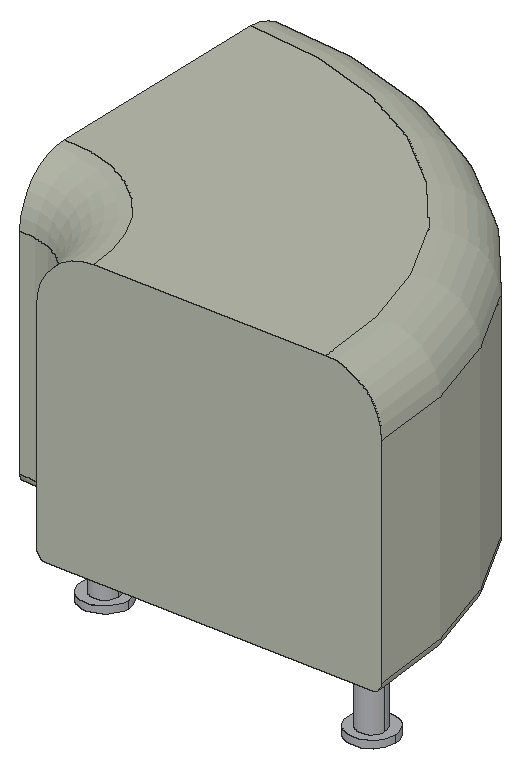
Revit family
Parameters (values of type "Corner")
  Upholstered Ottoman [instance] = none
  URL = "http://www.turnstonefurniture.com/index.aspx"
  Symbol Name = "TS3402"
  Style Number(s) = "TS34402"
  Round = no
  Release Date = "January 2012"  # constant formula
  Product Line = "Turnstone Furniture"  # constant formula
  Product = "Alight Lounge"  # constant formula
  Manufacturer = "Steelcase"  # constant formula
  Leg [instance] = none
  Draw in Foreground [instance] = yes
  Description = ""
  Corner = yes
  Copyright = "© 2010 Steelcase Inc."  # constant formula
  Bench = no
  AutoCAD Tag = "ALIGHT"  # constant formula
  Authoring Version = "Revit Architecture 2009"  # constant formula
  Assembly Code = "E2020200"
Types (3): name | Symbol Name | Style Number(s) | Round | Corner | Bench
  Round | "TS3401" | "TS34401" | yes | no | no
  Corner | "TS3402" | "TS34402" | no | yes | no
  Bench | "TS3403" | "TS34403" | no | no | yes
Reference planes (in)
  plane 1 "Center Front/Back": y = 0
  plane 2 "Bottom": z = 0
  plane 3 "Center Left/Right": x = 0
  plane 4: through (0, 0.96131, 16.58001) normal (0, 0.9962, -0.0872)
Forms (in)
  Revolve 1, solid, material <- "Upholstered Ottoman", visible <- "Round"
    sketch origin (0, 0, 0) x (0, 1, 0) y (0, 0, 1)
      loop
        line (0, 3.89072) -> (0, 18.90554) -> (-11.6, 18.90554)
        arc (-11.6, 18.90554) -> (-12.05962, 18.71516) -> (-12.25, 18.25554) r 0.65
        line (-12.25, 18.25554) -> (-12.25, 4.54072)
        arc (-12.25, 4.54072) -> (-12.05962, 4.0811) -> (-11.6, 3.89072) r 0.65
        line (-11.6, 3.89072) -> (0, 3.89072)
      axis (0, 3.89072) -> (0, 18.90554)
    angle from 0 to 360
  Extrusion 2, solid, material <- "Leg", visible <- "Round"
    sketch origin (0, 0, 0) x (1, 0, 0) y (0, 1, 0)
      loop
        circle (-6.88473, 6.49294) r 0.72026
      loop
        circle (6.88473, 6.49294) r 0.72026
      loop
        circle (-6.88473, -6.49294) r 0.72026
      loop
        circle (6.88473, -6.49294) r 0.72026
    from 0.37453 to 4.039
  Extrusion 3, solid, material <- "Leg", visible <- "Round"
    sketch origin (0, 0, 0) x (1, 0, 0) y (0, 1, 0)
      loop
        circle (-6.88473, 6.49294) r 1.2526
      loop
        circle (6.88473, 6.49294) r 1.2526
      loop
        circle (-6.88473, -6.49294) r 1.2526
      loop
        circle (6.88473, -6.49294) r 1.2526
    from 0 to 0.37453
  Revolve 4, solid, material <- "Upholstered Ottoman", visible <- "Corner"
    sketch origin (0, 0, 0) x (0, 1, 0) y (0, 0, 1)
      loop
        arc (-0.5, 3.89071) -> (-0.14645, 4.03715) -> (0, 4.39071) r 0.5
        line (0, 4.39071) -> (0, 15.90136)
        arc (0, 15.90136) -> (-0.87868, 18.02268) -> (-3, 18.90136) r 3
        line (-3, 18.90136) -> (-15.26678, 18.90136)
        arc (-15.26678, 18.90136) -> (-17.38811, 18.02268) -> (-18.26678, 15.90136) r 3
        line (-18.26678, 15.90136) -> (-18.26678, 4.39071)
        arc (-18.26678, 4.39071) -> (-18.12034, 4.03715) -> (-17.76678, 3.89071) r 0.5
        line (-17.76678, 3.89071) -> (-0.5, 3.89071)
      axis (-22.7695, 3.89071) -> (-22.7695, 18.90136)
    angle from 360 to 270
  Extrusion 5, solid, material <- "Upholstered Ottoman", visible <- "Bench"
    sketch origin (0, 0, 0) x (0, 1, 0) y (0, 0, 1)
      loop
        arc (-0.5, 3.88919) -> (-0.14645, 4.03564) -> (0, 4.38919) r 0.5
        line (0, 4.38919) -> (0, 15.89701)
        arc (0, 15.89701) -> (-0.87868, 18.01833) -> (-3, 18.89701) r 3
        line (-3, 18.89701) -> (-15.23438, 18.89701)
        arc (-15.23438, 18.89701) -> (-17.3557, 18.01833) -> (-18.23437, 15.89701) r 3
        line (-18.23437, 15.89701) -> (-18.23437, 4.38919)
        arc (-18.23437, 4.38919) -> (-18.08793, 4.03564) -> (-17.73437, 3.88919) r 0.5
        line (-17.73437, 3.88919) -> (-0.5, 3.88919)
    from 0 to 36.78794
  Extrusion 6, solid, material <- "Leg", visible <- "Bench"
    sketch origin (0, 0, 0) x (1, 0, 0) y (0, 1, 0)
      loop
        circle (2.50448, -15.72677) r 0.72026
      loop
        circle (2.50448, -2.50111) r 0.72026
      loop
        circle (34.25448, -15.72677) r 0.72026
      loop
        circle (34.25448, -2.50111) r 0.72026
    from 0.37453 to 4.039
  Extrusion 7, solid, material <- "Leg", visible <- "Bench"
    sketch origin (0, 0, 0) x (1, 0, 0) y (0, 1, 0)
      loop
        circle (2.50448, -2.50111) r 1.25
      loop
        circle (2.50448, -15.72677) r 1.25
      loop
        circle (34.28398, -2.50111) r 1.25
      loop
        circle (34.28398, -15.72677) r 1.25
    from 0 to 0.37453
  Extrusion 8, solid, material <- "Leg", visible <- "Corner"
    sketch origin (2.1571, -24.65582, 0) x (1, 0, 0) y (0, 1, 0)
      loop
        circle (2.34032, 6.38143) r 0.72026
      loop
        circle (0.43414, 22.03126) r 0.72026
      loop
        circle (18.03589, 4.40923) r 0.72026
      loop
        circle (11.84067, 15.85844) r 0.72026
    from 0.37453 to 4.039
  Extrusion 9, solid, material <- "Leg", visible <- "Corner"
    sketch origin (2.1571, -24.65582, 0) x (1, 0, 0) y (0, 1, 0)
      loop
        circle (0.43414, 22.05902) r 1.25
      loop
        circle (11.84067, 15.88619) r 1.25
      loop
        circle (18.03589, 4.43699) r 1.25
      loop
        circle (2.33662, 6.40354) r 1.25
    from 0 to 0.37453
Cuts and joins
  joined: Extrusion 2, Extrusion 3
Lines and regions (in)
  Masking region 1, visible <- "Round", built-in parameter 1006206 <- "Draw in Foreground"
    outline origin (334.24707, -123.47284, 0) x (1, 0, 0) y (0, 1, 0)
      loop
        circle (-334.24707, 123.47284) r 12.23358
  Masking region 2, visible <- "Corner", built-in parameter 1006206 <- "Draw in Foreground"
    outline origin (334.24707, -3.47284, 0) x (1, 0, 0) y (0, 1, 0)
      loop
        line (-334.24344, 2.96666) -> (-334.24344, -14.36166)
        arc (-334.24344, -14.36166) -> (-334.2059, -14.55175) -> (-334.09891, -14.71329) r 0.5
        arc (-334.09891, -14.71329) -> (-331.63751, -16.56212) -> (-329.75988, -19.00163) r 11.4111
        arc (-329.75988, -19.00163) -> (-329.57549, -19.22034) -> (-329.30139, -19.30217) r 0.5
        line (-329.30139, -19.30217) -> (-311.97425, -19.30217)
        arc (-311.97425, -19.30217) -> (-311.57936, -19.11288) -> (-311.4796, -18.68648) r 0.50654
        arc (-311.4796, -18.68648) -> (-318.71132, -3.6902) -> (-333.74347, 3.46663) r 25.06406
        arc (-333.74347, 3.46663) -> (-334.097, 3.32019) -> (-334.24344, 2.96666) r 0.49997
  Masking region 3, visible <- "Bench", built-in parameter 1006206 <- "Draw in Foreground"
    outline origin (334.24707, 116.52716, 0) x (1, 0, 0) y (0, 1, 0)
      loop
        line (-297.9136, -116.53226) -> (-333.79379, -116.53226)
        arc (-333.79379, -116.53226) -> (-334.11199, -116.66406) -> (-334.24379, -116.98226) r 0.45
        line (-334.24379, -116.98226) -> (-334.24379, -134.31407)
        arc (-334.24379, -134.31407) -> (-334.11199, -134.63227) -> (-333.79379, -134.76407) r 0.45
        line (-333.79379, -134.76407) -> (-297.9136, -134.76407)
        arc (-297.9136, -134.76407) -> (-297.5954, -134.63227) -> (-297.4636, -134.31407) r 0.45
        line (-297.4636, -134.31407) -> (-297.4636, -116.98226)
        arc (-297.4636, -116.98226) -> (-297.5954, -116.66406) -> (-297.9136, -116.53226) r 0.45
  symbolic lines, style "Steelcase Turnstone - Alight - Ottoman - Line", visible <- "Round", built-in parameter 1006206 <- "Draw in Foreground"
    curve 1: circle (0, 0, 0) r 12.23358 normal (0, 0, 1)
  symbolic lines, style "Steelcase Turnstone - Alight - Ottoman - Line", visible <- "Round", built-in parameter 1006206 <- "Draw in Foreground", detail levels medium+fine
    curve 2: circle (6.86784, 6.50372, 0) r 1.23357 normal (0, 0, 1)
    curve 3: circle (6.87326, -6.50054, 0) r 1.23357 normal (0, 0, 1)
    curve 4: circle (-6.90644, 6.52705, 0) r 1.23357 normal (0, 0, 1)
    curve 5: circle (-6.88783, -6.49989, 0) r 1.23357 normal (0, 0, 1)
  symbolic lines, style "Steelcase Turnstone - Alight - Ottoman - Line", visible <- "Corner", built-in parameter 1006206 <- "Draw in Foreground"
    curve 6: line (0.00363, -0.50618, 0) -> (0.00363, -17.8345, 0)
    curve 7: arc (22.76747, -22.15932, 0) -> (15.53575, -7.16304, 0) -> (0.5036, -0.00621, 0) r 25.06406
    curve 8: line (4.94568, -22.77501, 0) -> (22.27282, -22.77501, 0)
    curve 9: arc (0.14816, -18.18613, 0) -> (2.60956, -20.03496, 0) -> (4.48719, -22.47447, 0) r 11.4111
    curve 10: arc (0.00363, -17.8345, 0) -> (0.04117, -18.02459, 0) -> (0.14816, -18.18613, 0) r 0.5
    curve 11: arc (4.48719, -22.47447, 0) -> (4.67158, -22.69318, 0) -> (4.94568, -22.77501, 0) r 0.5
    curve 12: arc (22.27282, -22.77501, 0) -> (22.66771, -22.58572, 0) -> (22.76747, -22.15932, 0) r 0.50654
    curve 13: arc (0.5036, -0.00621, 0) -> (0.15007, -0.15265, 0) -> (0.00363, -0.50618, 0) r 0.49997
  symbolic lines, style "Steelcase Turnstone - Alight - Ottoman - Line", visible <- "Corner", built-in parameter 1006206 <- "Draw in Foreground", detail levels medium+fine
    curve 14: circle (2.58836, -2.60585, 0) r 1.23357 normal (0, 0, 1)
    curve 15: circle (14.00804, -8.77335, 0) r 1.23357 normal (0, 0, 1)
    curve 16: circle (20.17615, -20.19754, 0) r 1.23357 normal (0, 0, 1)
    curve 17: circle (4.51927, -18.25207, 0) r 1.23357 normal (0, 0, 1)
  symbolic lines, style "Steelcase Turnstone - Alight - Ottoman - Line", visible <- "Bench", built-in parameter 1006206 <- "Draw in Foreground"
    curve 18: line (36.33347, -0.0051, 0) -> (0.45328, -0.0051, 0)
    curve 19: line (0.00328, -0.4551, 0) -> (0.00328, -17.78691, 0)
    curve 20: line (36.78347, -17.78691, 0) -> (36.78347, -0.4551, 0)
    curve 21: line (0.45328, -18.23691, 0) -> (36.33347, -18.23691, 0)
    curve 22: arc (36.33347, -18.23691, 0) -> (36.65167, -18.10511, 0) -> (36.78347, -17.78691, 0) r 0.45
    curve 23: arc (36.78347, -0.4551, 0) -> (36.65167, -0.1369, 0) -> (36.33347, -0.0051, 0) r 0.45
    curve 24: arc (0.45328, -0.0051, 0) -> (0.13508, -0.1369, 0) -> (0.00328, -0.4551, 0) r 0.45
    curve 25: arc (0.00328, -17.78691, 0) -> (0.13508, -18.10511, 0) -> (0.45328, -18.23691, 0) r 0.45
  symbolic lines, style "Steelcase Turnstone - Alight - Ottoman - Line", visible <- "Bench", built-in parameter 1006206 <- "Draw in Foreground", detail levels medium+fine
    curve 26: circle (2.51725, -15.75238, 0) r 1.23357 normal (0, 0, 1)
    curve 27: circle (2.52685, -2.50075, 0) r 1.23357 normal (0, 0, 1)
    curve 28: circle (34.28797, -2.4933, 0) r 1.23357 normal (0, 0, 1)
    curve 29: circle (34.27955, -15.72979, 0) r 1.23357 normal (0, 0, 1)
Dimensions and locks (in)
  aligned and locked: level to plane 2 "Bottom"
